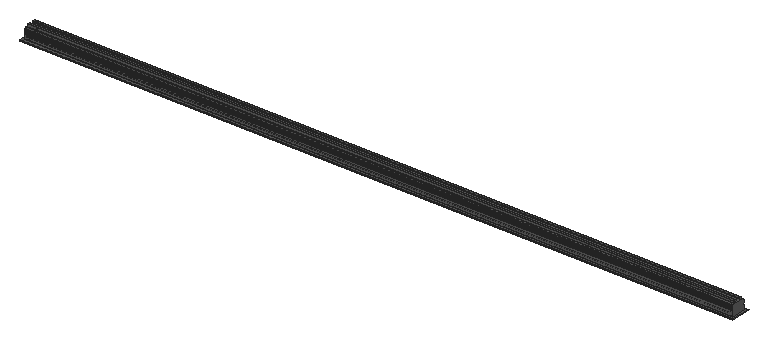
Revit family "STH21983PTO_27", category Luminárias, Revit 2023
Family settings
  Hospedeiro = Forro
  Cota do conector redondo = Utilizar diâmetro
  Tipo de parte = Normal
  Número OmniClass = 23.80.70.11
  Título OmniClass = Luminaries for Internal Lighting
  Sempre na vertical = Sim
  Corte com vazios quando carregada = Não
  Fonte luminosa = Sim
  Manter orientação da anotação = Não
  Compartilhado = Não
  Ponto de cálculo do ambiente = Não
Parameters (values of type "STH21983PTO/27 - PRETO - 1m - 2700K - 160lm - 90°")
  Ângulo de inclinação = 90.00°
  Ângulo de Abertura = "90°"
  Wattage = 1.07714 W
  URL = "https://stella.com.br/"
  Troca de temperatura da cor de lâmpada com esmaecimento = <Nenhum>
  Tensão Elétrica = "24V"
  built-in parameter 1150107 = 2700 (stored number, unit not read)
  Temperatura da cor (K) = 2700 K
  Referência = "STH21983PTO/27 - PRETO - 1m"
  Potência = 18.5 W
  built-in parameter 1150110 = 1 (stored number, unit not read)
  built-in parameter 1150109 = 1 (stored number, unit not read)
  built-in parameter 1114218 = 1 (stored number, unit not read)
  built-in parameter 1150112 = 1 (stored number, unit not read)
  built-in parameter 1150113 = 1 (stored number, unit not read)
  built-in parameter 1150132 = 2
  built-in parameter 1150137 = (empty or 0)
  Modelo = "Archi"
  Luminoso = Luminoso_Lente Preta - 2700K
  built-in parameter 1150106 = 0.76236 (stored number, unit not read)
  Largura = 0.028 m
  built-in parameter 1150102 = (empty or 0)
  built-in parameter 1150105 = 76.236 (stored number, unit not read)
  IRC (Índice de reprodução de cores) = ">93 (R9 >60)"
  Grau de proteção (IP) = "IP20"
  Fluxo Luminoso = 160 lm
  Color Filter = 16777215
  built-in parameter 1114217 = 1 (stored number, unit not read)
  built-in parameter 1150139 = (empty or 0)
  Fabricante = "Stella"
  Estrutura = Al - Preto
  Default Elevation = 0.00 m
  built-in parameter 1150104 = 13.8 (stored number, unit not read)
  Dimerização = "Não dimerizável"
  built-in parameter 1150115 = 1 (stored number, unit not read)
  built-in parameter 1150114 = 1 (stored number, unit not read)
  Lumens = 160 lm
  built-in parameter 1150138 = (empty or 0)
  built-in parameter 1150134 = (empty or 0)
  Comprimento = 1.015 m
  Arquivo de rede fotométrica = "STELLA - STH21983PTO-27 - ARCHI - PERFIL DE EMBUTIR PLANO 28mm.ies"
  Altura = 0.019 m
  built-in parameter 1150133 = 10 (stored number, unit not read)
Reference planes (m)
  plane 1 "Eixo de origem da luz (F/T)": y = 0
  plane 2 "Forro": z = 2.4384
  plane 3 "Eixo de origem da luz (E/D)": x = 0
  plane 4 "Elevação da origem da luz": z = 2.43398
  plane 5: y = 0.014
  plane 6: y = -0.014
  plane 7: x = -0.5075
  plane 8: x = 0.5075
  plane 9 "Inferior": z = 2.4374
  plane 10 "Superior": z = 2.4564
  plane 11 "Base": z = 2.4384
  plane 12 "Conector": z = 2.4524
Forms (m)
  Extrusion 1, solid, material "Al - Preto" <- "Estrutura"
    sketch origin (0, 0.029998, 2.43398) x (0, -1, 0) y (1, 0, 0)
      loop
        line (0.015998, -0.5075) -> (0.043998, -0.5075) -> (0.043998, 0.5075) -> (0.015998, 0.5075) -> (0.015998, -0.5075)
      loop
        line (0.038498, 0.5026) -> (0.021497, 0.5026) -> (0.021497, -0.5026) -> (0.038498, -0.5026) -> (0.038498, 0.5026)
    from 0.00342 to 0.00442
  Extrusion 2, void
    sketch origin (0, 0.08, 2.43398) x (0, -1, 0) y (1, 0, 0)
      loop
        line (0.066, -0.5075) -> (0.094, -0.5075) -> (0.094, 0.5075) -> (0.066, 0.5075) -> (0.066, -0.5075)
    from 0.00342 to 0.02262
  Extrusion 3, solid, material "Al - Preto" <- "Estrutura"
    sketch origin (0, 0.03, 0) x (0, 1, 0) y (0, 0, 1)
      loop
        line (-0.025, 2.4534) -> (-0.035, 2.4534) -> (-0.035, 2.4556) -> (-0.033, 2.4556) -> (-0.033, 2.4566) -> (-0.036, 2.4566) -> (-0.036, 2.4534) -> (-0.0388, 2.4534) -> (-0.0388, 2.451415) -> (-0.0395, 2.451011) -> (-0.0395, 2.450011) -> (-0.0388, 2.449607) -> (-0.0388, 2.448607) -> (-0.0395, 2.448203) -> (-0.0395, 2.447203) -> (-0.0388, 2.446798) -> (-0.0388, 2.445798) -> (-0.0395, 2.445394) -> (-0.0395, 2.4384) -> (-0.038424, 2.4384)
        spline (-0.038424, 2.4384) -> (-0.038195, 2.438508) -> (-0.037944, 2.43851) -> (-0.037762, 2.438627) -> (-0.037671, 2.438895) -> (-0.037629, 2.439183) -> (-0.037599, 2.439391) -> (-0.037574, 2.439549) -> (-0.037552, 2.439716) -> (-0.037545, 2.439947) -> (-0.037552, 2.440254) -> (-0.037594, 2.440541) -> (-0.037823, 2.440766)
        arc (-0.037823, 2.440766) -> (-0.038133, 2.44144) -> (-0.03755, 2.4419) r 0.0006
        line (-0.03755, 2.4419) -> (-0.0367, 2.4419)
        spline (-0.0367, 2.4419) -> (-0.036476, 2.442006) -> (-0.036414, 2.442154) -> (-0.036397, 2.4423) -> (-0.036396, 2.44244) -> (-0.036396, 2.442579) -> (-0.036396, 2.442732) -> (-0.036396, 2.442912) -> (-0.036403, 2.443089) -> (-0.036426, 2.443203) -> (-0.03649, 2.443261) -> (-0.036635, 2.443322) -> (-0.036913, 2.443244)
        arc (-0.036913, 2.443244) -> (-0.03791, 2.44298) -> (-0.0385, 2.443825) r 0.0009
        arc (-0.0385, 2.443825) -> (-0.037921, 2.444666) -> (-0.036929, 2.444425) r 0.0009
        spline (-0.036929, 2.444425) -> (-0.03659, 2.44435) -> (-0.036445, 2.444482) -> (-0.036398, 2.444738) -> (-0.036407, 2.445071) -> (-0.036467, 2.445301) -> (-0.036568, 2.445433) -> (-0.036709, 2.445523) -> (-0.036887, 2.445609) -> (-0.03712, 2.445679) -> (-0.037409, 2.445744) -> (-0.037677, 2.44591) -> (-0.0378, 2.446221)
        line (-0.0378, 2.446221) -> (-0.0378, 2.4524) -> (-0.0222, 2.4524) -> (-0.0222, 2.446221)
        spline (-0.0222, 2.446221) -> (-0.022323, 2.44591) -> (-0.022591, 2.445744) -> (-0.02288, 2.445679) -> (-0.023113, 2.445609) -> (-0.023291, 2.445523) -> (-0.023432, 2.445433) -> (-0.023533, 2.445301) -> (-0.023593, 2.445071) -> (-0.023602, 2.444738) -> (-0.023555, 2.444482) -> (-0.02341, 2.44435) -> (-0.023071, 2.444425)
        arc (-0.023071, 2.444425) -> (-0.022079, 2.444666) -> (-0.0215, 2.443825) r 0.0009
        arc (-0.0215, 2.443825) -> (-0.02209, 2.44298) -> (-0.023087, 2.443244) r 0.0009
        spline (-0.023087, 2.443244) -> (-0.023365, 2.443322) -> (-0.02351, 2.443261) -> (-0.023574, 2.443203) -> (-0.023597, 2.443089) -> (-0.023604, 2.442912) -> (-0.023604, 2.442732) -> (-0.023604, 2.442579) -> (-0.023604, 2.44244) -> (-0.023603, 2.4423) -> (-0.023586, 2.442154) -> (-0.023524, 2.442006) -> (-0.0233, 2.4419)
        line (-0.0233, 2.4419) -> (-0.02245, 2.4419)
        arc (-0.02245, 2.4419) -> (-0.021867, 2.44144) -> (-0.022177, 2.440766) r 0.0006
        spline (-0.022177, 2.440766) -> (-0.022406, 2.440541) -> (-0.022448, 2.440254) -> (-0.022455, 2.439947) -> (-0.022448, 2.439716) -> (-0.022426, 2.439549) -> (-0.022401, 2.439391) -> (-0.022371, 2.439183) -> (-0.022329, 2.438895) -> (-0.022238, 2.438627) -> (-0.022056, 2.43851) -> (-0.021805, 2.438508) -> (-0.021576, 2.4384)
        line (-0.021576, 2.4384) -> (-0.0205, 2.4384) -> (-0.0205, 2.445394) -> (-0.0212, 2.445798) -> (-0.0212, 2.446798) -> (-0.0205, 2.447203) -> (-0.0205, 2.448203) -> (-0.0212, 2.448607) -> (-0.0212, 2.449607) -> (-0.0205, 2.450011) -> (-0.0205, 2.451011) -> (-0.0212, 2.451415) -> (-0.0212, 2.4534) -> (-0.024, 2.4534) -> (-0.024, 2.4566) -> (-0.027, 2.4566) -> (-0.027, 2.4556) -> (-0.025, 2.4556) -> (-0.025, 2.4534)
    from -0.5026 to 0.5026
  Extrusion 4, solid, material "Al - Preto" <- "Estrutura"
    sketch origin (0, 0.03, 0) x (0, 1, 0) y (0, 0, 1)
      loop
        line (-0.0212, 2.451415) -> (-0.0212, 2.4534) -> (-0.0388, 2.4534) -> (-0.0388, 2.451415) -> (-0.0395, 2.451011) -> (-0.0395, 2.450011) -> (-0.0388, 2.449607) -> (-0.0388, 2.448607) -> (-0.0395, 2.448203) -> (-0.0395, 2.447203) -> (-0.0388, 2.446798) -> (-0.0388, 2.445798) -> (-0.0395, 2.445394) -> (-0.0395, 2.4384) -> (-0.0205, 2.4384) -> (-0.0205, 2.445394) -> (-0.0212, 2.445798) -> (-0.0212, 2.446798) -> (-0.0205, 2.447203) -> (-0.0205, 2.448203) -> (-0.0212, 2.448607) -> (-0.0212, 2.449607) -> (-0.0205, 2.450011) -> (-0.0205, 2.451011) -> (-0.0212, 2.451415)
    from 0.5026 to 0.5041
  Extrusion 5, solid, material "Al - Preto" <- "Estrutura"
    sketch origin (0, 0.03, 0) x (0, 1, 0) y (0, 0, -1)
      loop
        line (-0.0212, -2.451415) -> (-0.0205, -2.451011) -> (-0.0205, -2.450011) -> (-0.0212, -2.449607) -> (-0.0212, -2.448607) -> (-0.0205, -2.448203) -> (-0.0205, -2.447203) -> (-0.0212, -2.446798) -> (-0.0212, -2.445798) -> (-0.0205, -2.445394) -> (-0.0205, -2.4384) -> (-0.0395, -2.4384) -> (-0.0395, -2.445394) -> (-0.0388, -2.445798) -> (-0.0388, -2.446798) -> (-0.0395, -2.447203) -> (-0.0395, -2.448203) -> (-0.0388, -2.448607) -> (-0.0388, -2.449607) -> (-0.0395, -2.450011) -> (-0.0395, -2.451011) -> (-0.0388, -2.451415) -> (-0.0388, -2.4534) -> (-0.0212, -2.4534) -> (-0.0212, -2.451415)
    from 0.5026 to 0.5041
  Extrusion 6, solid, material "Luminoso_Lente Preta - 2700K" <- "Luminoso"
    sketch origin (0, 0.01, 0) x (0, 1, 0) y (0, 0, 1)
      loop
        line (-0.00355, 2.441278) -> (-0.00355, 2.4384) -> (-0.01645, 2.4384) -> (-0.01645, 2.441278)
        spline (-0.01645, 2.441278) -> (-0.016548, 2.441605) -> (-0.016782, 2.441767) -> (-0.017072, 2.441807) -> (-0.01735, 2.441805) -> (-0.017567, 2.441757) -> (-0.017724, 2.441653) -> (-0.017857, 2.441516) -> (-0.017929, 2.441331) -> (-0.017925, 2.441081) -> (-0.017814, 2.44082) -> (-0.017577, 2.440621) -> (-0.01745, 2.440278)
        spline (-0.01745, 2.440278) -> (-0.017445, 2.439575) -> (-0.017438, 2.43914) -> (-0.017438, 2.438838) -> (-0.017471, 2.438606) -> (-0.017583, 2.438455) -> (-0.017808, 2.438396) -> (-0.018086, 2.438387) -> (-0.018304, 2.438351) -> (-0.018411, 2.438229) -> (-0.018447, 2.437979) -> (-0.018428, 2.4376) -> (-0.01815, 2.4374)
        line (-0.01815, 2.4374) -> (-0.00185, 2.4374)
        spline (-0.00185, 2.4374) -> (-0.001572, 2.4376) -> (-0.001553, 2.437979) -> (-0.001589, 2.438229) -> (-0.001696, 2.438351) -> (-0.001914, 2.438387) -> (-0.002192, 2.438396) -> (-0.002417, 2.438455) -> (-0.002529, 2.438606) -> (-0.002562, 2.438838) -> (-0.002562, 2.43914) -> (-0.002555, 2.439575) -> (-0.00255, 2.440278)
        spline (-0.00255, 2.440278) -> (-0.002423, 2.440621) -> (-0.002186, 2.44082) -> (-0.002075, 2.441081) -> (-0.002071, 2.441331) -> (-0.002143, 2.441516) -> (-0.002276, 2.441653) -> (-0.002433, 2.441757) -> (-0.00265, 2.441805) -> (-0.002928, 2.441807) -> (-0.003218, 2.441767) -> (-0.003452, 2.441605) -> (-0.00355, 2.441278)
    from -0.5026 to 0.5026
Cuts and joins
  joined: Extrusion 3, Extrusion 4, Extrusion 5
Dimensions and locks (m)
  equal spacing: host sketch curve, plane 3 "Eixo de origem da luz (E/D)", host sketch curve
  equal spacing: host sketch curve, plane 1 "Eixo de origem da luz (F/T)", host sketch curve
  host sketch curve to host sketch curve = 1.025 m
  host sketch curve to host sketch curve = 0.038 m
  "Altura": plane 10 "Superior" to plane 9 "Inferior"
  "Comprimento": plane 7 to plane 8
  "Largura": plane 5 to plane 6
  aligned and locked: host ceiling to Extrusion 1
  aligned and locked: Extrusion 1 to plane 9 "Inferior"
  aligned and locked: Extrusion 6 to cut or joined group of Extrusion 3, Extrusion 4, Extrusion 5  (x2)
  aligned and locked: Extrusion 3 to Extrusion 5
  aligned and locked: plane 8 to Extrusion 2
  aligned and locked: Extrusion 2 to plane 7
Automatic sketch dimensions
  plane 8 to Extrusion 1 sketch curve = 0.00 m
  plane 5 to Extrusion 1 sketch curve = 0.00 m
  Extrusion 1 sketch curve to Extrusion 1 sketch curve = 0.005499 m
  Extrusion 1 sketch curve to Extrusion 1 sketch curve = 0.017001 m
  Extrusion 1 sketch curve to plane 7 = 0.00 m
  Extrusion 1 sketch curve to Extrusion 1 sketch curve = 0.0055 m
  plane 7 to Extrusion 1 sketch curve = 0.0049 m
  Extrusion 1 sketch curve to plane 8 = 0.0049 m
  plane 8 to Extrusion 2 sketch curve = 0.00 m
  plane 5 to Extrusion 2 sketch curve = 0.00 m
  Extrusion 2 sketch curve to plane 7 = 0.00 m
  Extrusion 2 sketch curve to Extrusion 2 sketch curve = 0.028 m
  Extrusion 4 sketch curve to plane 2 "Forro" = 0.00 m
  plane 6 to Extrusion 4 sketch curve = 0.0045 m
  Extrusion 4 sketch curve to Extrusion 4 sketch curve = 0.00 m  (x4)
  plane 12 "Conector" to Extrusion 4 sketch curve = 0.001 m
  Extrusion 4 sketch curve to Extrusion 4 sketch curve = 0.0007 m  (x5)
  Extrusion 4 sketch curve to plane 12 "Conector" = 0.000985 m
  Extrusion 4 sketch curve to plane 5 = 0.0052 m
  Extrusion 4 sketch curve to plane 5 = 0.0045 m
  Extrusion 4 sketch curve to Extrusion 4 sketch curve = 0.006021 m
  Extrusion 4 sketch curve to Extrusion 4 sketch curve = 0.000404 m  (x10)
  Extrusion 4 sketch curve to Extrusion 4 sketch curve = 0.001 m  (x6)
  Extrusion 4 sketch curve to Extrusion 4 sketch curve = 0.001001 m
  plane 2 "Forro" to Extrusion 4 sketch curve = 0.006994 m
  Extrusion 6 sketch curve to plane 2 "Forro" = 0.00 m
  Extrusion 6 sketch curve to plane 9 "Inferior" = 0.00 m
  plane 2 "Forro" to Extrusion 6 sketch curve = 0.001878 m  (x2)
  plane 6 to Extrusion 6 sketch curve = 0.00655 m
  Extrusion 6 sketch curve to Extrusion 6 sketch curve = 0.001 m  (x4)
  Extrusion 6 sketch curve to plane 1 "Eixo de origem da luz (F/T)" = 0.00645 m
  Extrusion 6 sketch curve to Extrusion 6 sketch curve = 0.0017 m  (x2)
  Extrusion 3 sketch curve to Extrusion 3 sketch curve = 0.00 m  (x7)
  Extrusion 3 sketch curve to plane 2 "Forro" = 0.00 m  (x2)
  Extrusion 3 sketch curve to plane 12 "Conector" = 0.00 m
  plane 6 to Extrusion 3 sketch curve = 0.0045 m  (x2)
  Extrusion 3 sketch curve to plane 12 "Conector" = 0.001389 m  (x2)
  Extrusion 3 sketch curve to Extrusion 3 sketch curve = 0.0007 m  (x6)
  Extrusion 3 sketch curve to plane 12 "Conector" = 0.000985 m
  Extrusion 3 sketch curve to Extrusion 3 sketch curve = 0.001076 m
  plane 2 "Forro" to Extrusion 3 sketch curve = 0.002366 m  (x2)
  Extrusion 3 sketch curve to Extrusion 3 sketch curve = 0.000601 m  (x2)
  Extrusion 3 sketch curve to Extrusion 3 sketch curve = 0.001 m  (x10)
  Extrusion 3 sketch curve to Extrusion 3 sketch curve = 0.0012 m
  Extrusion 3 sketch curve to Extrusion 3 sketch curve = 0.000273 m  (x2)
  Extrusion 3 sketch curve to Extrusion 3 sketch curve = 0.000671 m  (x2)
  Extrusion 3 sketch curve to Extrusion 3 sketch curve = 0.000687 m
  Extrusion 3 sketch curve to Extrusion 3 sketch curve = 0.00085 m  (x2)
  plane 10 "Superior" to Extrusion 3 sketch curve = 0.0002 m  (x2)
  Extrusion 3 sketch curve to Extrusion 3 sketch curve = 0.0028 m
  Extrusion 3 sketch curve to plane 10 "Superior" = 0.0008 m  (x2)
  Extrusion 3 sketch curve to Extrusion 3 sketch curve = 0.002 m  (x2)
  Extrusion 3 sketch curve to plane 1 "Eixo de origem da luz (F/T)" = 0.003 m
  Extrusion 3 sketch curve to plane 1 "Eixo de origem da luz (F/T)" = 0.0067 m
  Extrusion 3 sketch curve to Extrusion 3 sketch curve = 0.000213 m
  Extrusion 3 sketch curve to Extrusion 3 sketch curve = 0.000016 m
  Extrusion 3 sketch curve to Extrusion 3 sketch curve = 0.0018 m
  Extrusion 3 sketch curve to Extrusion 3 sketch curve = 0.000534 m  (x2)
  Extrusion 3 sketch curve to Extrusion 3 sketch curve = 0.001344 m  (x2)
  Extrusion 3 sketch curve to Extrusion 3 sketch curve = 0.000581 m  (x2)
  Extrusion 3 sketch curve to Extrusion 3 sketch curve = 0.001569 m  (x2)
  Extrusion 3 sketch curve to Extrusion 3 sketch curve = 0.000404 m  (x9)
  Extrusion 3 sketch curve to Extrusion 3 sketch curve = 0.000423 m  (x2)
  Extrusion 3 sketch curve to Extrusion 3 sketch curve = 0.000577 m
  plane 12 "Conector" to Extrusion 3 sketch curve = 0.001 m  (x2)
  Extrusion 5 sketch curve to plane 2 "Forro" = 0.00 m
  plane 6 to Extrusion 5 sketch curve = 0.0045 m  (x2)
  Extrusion 5 sketch curve to plane 12 "Conector" = 0.001389 m
  Extrusion 5 sketch curve to Extrusion 5 sketch curve = 0.00 m  (x3)
  Extrusion 5 sketch curve to Extrusion 5 sketch curve = 0.0007 m  (x6)
  Extrusion 5 sketch curve to plane 12 "Conector" = 0.000985 m  (x2)
  Extrusion 5 sketch curve to plane 5 = 0.0052 m
  plane 12 "Conector" to Extrusion 5 sketch curve = 0.001 m
  Extrusion 5 sketch curve to Extrusion 5 sketch curve = 0.000404 m  (x9)
  Extrusion 5 sketch curve to Extrusion 5 sketch curve = 0.001001 m  (x2)
  Extrusion 5 sketch curve to Extrusion 5 sketch curve = 0.001 m  (x6)
Connectors (m)
  electrical at (0, 0, 2.4524)
    settings: index 1, voltage 0 V, apparent load 0 VA, apparent load phase1 0 VA, apparent load phase2 0 VA, apparent load phase3 0 VA, power factor 1, load classification "Outro", number of poles 1, system type 31, power factor state 1, is connector primary yes, connector utility no, sub classification motor no, connector description ""
